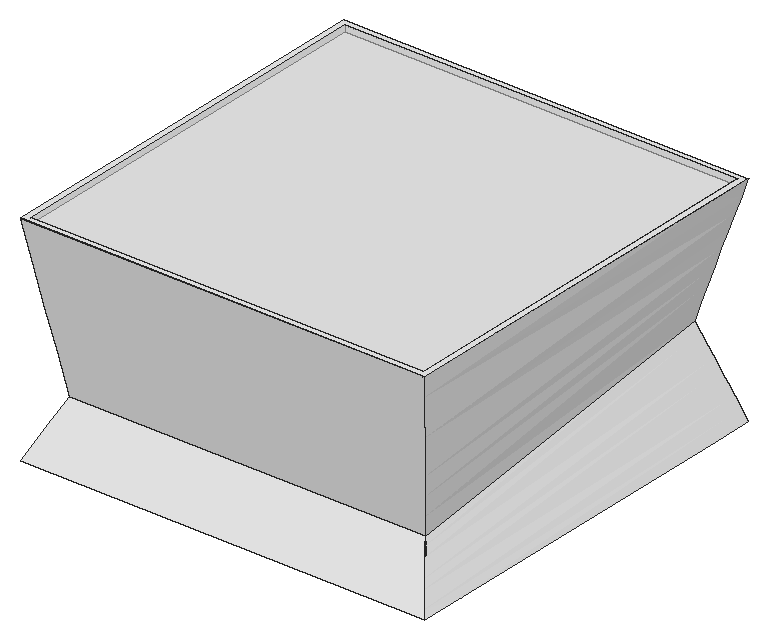
Revit family
Parameters
  Width = 2' - 2"  # constant formula
  URL = "http://elanbydecca.com/"
  Top [instance] = Furniture - DECCA (Elan) - Vertex - Top
  Base [instance] = Furniture - DECCA (Elan) - Vertex - Base
  Product URL = "http://elanbydecca.com/PDFs/elan_tearsheet-vertex.pdf"
  Model = "VT CT100"
  Manufacturer = "Decca Contract"
  Height = 1' - 2"  # constant formula
  Description = "Vertex, Coffee Table"
  Depth = 2' - 2"  # constant formula
  Assembly Description = "Furniture & Accessories"
  Assembly Code = "E2020200"
Reference planes (in)
  plane 1 "Center Front/Back": y = -0.7524
  plane 2: z = 0
  plane 3 "Center Left/Right": x = 0
  plane 4 "L": x = -13
  plane 5 "R": x = 13
  plane 6 "F": y = -13.7524
  plane 7: y = 12.2476
  plane 8: through (-6.25338, 2.33237, 23.38953) normal (0.4297, -0.4297, 0.7941)
  plane 9: z = 14
  plane 10: z = 13.625
  plane 11: y = 13.2476
  plane 12: y = -14.7524
  plane 13: through (0, -11.72544, 3.38545) normal (0, 0.102, -0.9948)
  plane 14: z = 5.94595
  plane 15: z = 3.07509
Forms (in)
  Extrusion 1, solid, material "Furniture - DECCA (Elan) - Vertex - Base" <- "Base"
    sketch origin (0, 0, 8.32075) x (0, -1, 0) y (1, 0, 0)
      loop
        line (-12.2476, -13) -> (13.7524, -13) -> (13.7524, 13) -> (-12.2476, 13) -> (-12.2476, -13)
    from -8.32075 to 5.67925
  Extrusion 2, void
    sketch origin (0, 0, 0) x (0, 1, 0) y (0, 0, 1)
      loop
        line (12.2476, 0) -> (12.37335, 0) -> (12.37335, 13.971) -> (12.2476, 13.971) -> (10.70883, 5.68565) -> (12.2476, 0)
      loop
        line (-13.7524, 13.971) -> (-14.2524, 13.971) -> (-14.2524, 0) -> (-13.7524, 0) -> (-11.72544, 3.38545) -> (-13.7524, 13.971)
    from -14.94299 to 15.47545
  Blend 3, void
    base sketch origin (0, -16.42176, 0) x (1, 0, 0) y (0, 0, -1)
      loop
        line (-10.68852, -5.94595) -> (-13, 0) -> (-13.53681, 0) -> (-13.53681, -13.97101) -> (-12.99997, -13.97101) -> (-10.68852, -5.94595)
    top sketch origin (0, -16.42176, 0) x (1, 0, 0) y (0, 0, -1)
      loop
        line (-11.50712, -3.07509) -> (-13, 0) -> (-13.41159, 0) -> (-13.41159, -13.97101) -> (-12.99997, -13.97101) -> (-11.50712, -3.07509)
    from 29.66936 to 1.66936
  Blend 4, void
    base sketch origin (0, -16.42176, 0) x (-1, 0, 0) y (0, 0, 1)
      loop
        line (-10.68852, 5.94595) -> (-12.99997, 13.97101) -> (-13.53681, 13.97101) -> (-13.53681, 0) -> (-13, 0) -> (-10.68852, 5.94595)
    top sketch origin (0, -16.42176, 0) x (-1, 0, 0) y (0, 0, 1)
      loop
        line (-11.50712, 3.07509) -> (-12.99997, 13.97101) -> (-13.41159, 13.97101) -> (-13.41159, 0) -> (-13, 0) -> (-11.50712, 3.07509)
    from 29.66936 to 1.66936
  Extrusion 5, void
    sketch origin (0, 0, 8.32075) x (0, -1, 0) y (1, 0, 0)
      loop
        line (-11.8726, -12.62495) -> (13.3774, -12.62495) -> (13.3774, 12.62494) -> (-11.8726, 12.62494) -> (-11.8726, -12.62495)
    from 5.30425 to 12
  Extrusion 6, solid, material "Furniture - DECCA (Elan) - Vertex - Top" <- "Top"
    sketch origin (0, 0, 8.32075) x (0, -1, 0) y (1, 0, 0)
      loop
        line (-11.8726, -12.62495) -> (13.3774, -12.62495) -> (13.3774, 12.62494) -> (-11.8726, 12.62494) -> (-11.8726, -12.62495)
    from 5.30425 to 5.67925
Cuts and joins
  Extrusion 2, Blend 3, Blend 4, Extrusion 5 cuts Extrusion 1
Dimensions and locks (in)
  equal spacing: plane 4 "L", plane 3 "Center Left/Right", plane 5 "R"
  equal spacing: plane 7, plane 1 "Center Front/Back", plane 6 "F"
  "Width": plane 4 "L" to plane 5 "R"
  "Depth": plane 7 to plane 6 "F"
  "Height": plane 9 to level
  locked: plane 9 to plane 10 at 0.375
  aligned and locked: plane 4 "L" to Extrusion 1 sketch curve
  aligned and locked: plane 7 to Extrusion 1 sketch curve
  aligned and locked: plane 6 "F" to Extrusion 1 sketch curve
  aligned and locked: Extrusion 1 sketch curve to plane 5 "R"
  aligned and locked: Extrusion 1 to level
  aligned and locked: plane 9 to Extrusion 1
  aligned and locked: Extrusion 5 to plane 10
  aligned and locked: Extrusion 6 sketch curve to cut or joined group of Extrusion 1, Extrusion 2, Blend 3, Blend 4, Extrusion 5  (x4)
  aligned and locked: plane 9 to Extrusion 6
  aligned and locked: Extrusion 6 to plane 10
Automatic sketch dimensions
  Extrusion 2 sketch curve to level = 0' - 0"  (x2)
  Extrusion 2 sketch curve to plane 6 "F" = 0' - 0"  (x2)
  plane 13 to Extrusion 2 sketch curve = 0' - 0"  (x2)
  Extrusion 2 sketch curve to plane 7 = 0' - 0"
  Extrusion 2 sketch curve to plane 9 = 0' - 0.029"  (x2)
  Extrusion 2 sketch curve to Extrusion 2 sketch curve = 0' - 0 1/2"
  Extrusion 2 sketch curve to plane 15 = 0' - 0.31036"
  Extrusion 2 sketch curve to plane 14 = 0' - 0.2603"
  plane 7 to Extrusion 2 sketch curve = 0' - 0"
  Extrusion 2 sketch curve to Extrusion 2 sketch curve = 0' - 0.12575"
  Blend 3 sketch curve to level = 0' - 0"  (x2)
  Blend 3 sketch curve to plane 4 "L" = 0' - 0"  (x2)
  Blend 3 sketch curve to plane 14 = 0' - 0"
  Blend 3 sketch curve to Blend 3 sketch curve = 0' - 0.53681"
  Blend 3 sketch curve to plane 4 "L" = 0' - 0.00003"  (x2)
  Blend 3 sketch curve to plane 4 "L" = 0' - 2.31148"
  plane 9 to Blend 3 sketch curve = 0' - 0.02899"  (x2)
  Blend 3 sketch curve to plane 15 = 0' - 0"
  Blend 3 sketch curve to Blend 3 sketch curve = 0' - 0.41159"
  Blend 3 sketch curve to plane 4 "L" = 0' - 1.49288"
  Blend 4 sketch curve to level = 0' - 0"  (x2)
  plane 5 "R" to Blend 4 sketch curve = 0' - 0"  (x2)
  Blend 4 sketch curve to plane 14 = 0' - 0"
  Blend 4 sketch curve to Blend 4 sketch curve = 0' - 0.53681"
  plane 5 "R" to Blend 4 sketch curve = 0' - 0.00003"  (x2)
  plane 5 "R" to Blend 4 sketch curve = 0' - 2.31148"
  Blend 4 sketch curve to plane 9 = 0' - 0.02899"  (x2)
  Blend 4 sketch curve to plane 15 = 0' - 0"
  Blend 4 sketch curve to Blend 4 sketch curve = 0' - 0.41159"
  plane 5 "R" to Blend 4 sketch curve = 0' - 1.49288"
  Extrusion 5 sketch curve to plane 7 = 0' - 0 3/8"
  plane 6 "F" to Extrusion 5 sketch curve = 0' - 0 3/8"
  plane 4 "L" to Extrusion 5 sketch curve = 0' - 0.37505"
  plane 5 "R" to Extrusion 5 sketch curve = 0' - 0.37506"
